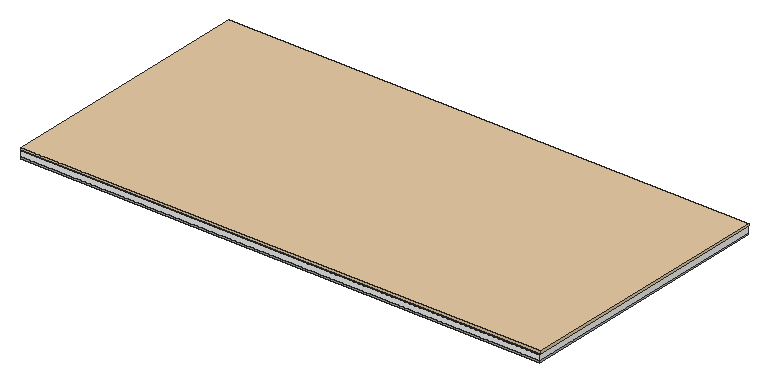
Revit family "Legalett_ISOFORM_PW+FC", category Generic Models, Revit 2023
Family settings
  Can host rebar = No
  Round Connector Dimension = Use Diameter
  Part Type = Normal
  Work Plane-Based = No
  Always vertical = Yes
  Cut with Voids When Loaded = No
  Maintain Annotation Orientation = No
  Shared = No
  Room Calculation Point = No
Parameters (values of type "ISOFORM 50 PW+FC")
  Type Comments = "24000"
  Model = "ISOFORM"
  Manufacturer = "Legalett"
  ISO Tjocklek = 32 mm
  Default Elevation = 0 mm
Types (3, lengths in mm): name | ISO Tjocklek
  (no name) | 32
  ISOFORM 50 PW+FC | 32
  ISOFORM 110 PW+FC | 92
Reference planes
  plane 1 "Center (Front/Back)": y = 0
  plane 2: z = 0
  plane 3 "Center (Left/Right)": x = 0
  plane 4: z = 41
  plane 5: z = 9
  plane 6: z = 50
  plane 7: z = 36.102
  plane 8: z = 0
Forms (mm)
  Extrusion 1, solid, material "Fibercement"
    sketch origin (-321.637, 314.755, 0) x (1, 0, 0) y (0, 1, 0)
      loop
        line (-878.363, 285.245) -> (-878.363, -914.755) -> (1521.637, -914.755) -> (1521.637, 285.245) -> (-878.363, 285.245)
    from 3 to 9
  Extrusion 2, solid, material "Plywood"
    sketch origin (-321.297, 314.755, 41) x (1, 0, 0) y (0, 1, 0)
      loop
        line (-878.363, 285.245) -> (-878.363, -914.755) -> (1521.637, -914.755) -> (1521.637, 285.245) -> (-878.363, 285.245)
    from 0 to 9
  Extrusion 3, solid, material "EPS100"
    sketch origin (-324.196, 314.755, 0) x (1, 0, 0) y (0, 1, 0)
      loop
        line (-875.804, 285.245) -> (-875.804, -914.755) -> (1524.196, -914.755) -> (1524.196, 285.245) -> (-875.804, 285.245)
    from 9 to 36.102
  Extrusion 4, solid, material "EPS100"
    sketch origin (-321.637, 314.755, 27) x (1, 0, 0) y (0, 1, 0)
      loop
        line (-848.363, 255.245) -> (-848.363, -884.358) -> (1491.976, -884.358) -> (1491.976, 255.245) -> (-848.363, 255.245)
    from 9.102 to 14
Cuts and joins
  joined: Extrusion 3, Extrusion 4
Dimensions and locks
  locked: cut or joined group of Extrusion 3, Extrusion 4 to cut or joined group of Extrusion 3, Extrusion 4 at 4.898
  "ISO Tjocklek": plane 5 to plane 4
  locked: plane 8 to plane 5 at 9
  locked: plane 4 to plane 6 at 9
  aligned and locked: level to plane 2
  aligned and locked: Extrusion 3 to Extrusion 1
  aligned and locked: Extrusion 4 to Extrusion 3
  aligned and locked: Extrusion 2 to cut or joined group of Extrusion 3, Extrusion 4
  aligned and locked: Extrusion 4 to Extrusion 2
  aligned and locked: Extrusion 2 to plane 6
  aligned and locked: plane 5 to Extrusion 3
  aligned and locked: plane 8 to level
  aligned and locked: plane 4 to Extrusion 2
Automatic sketch dimensions
  plane 1 "Center (Front/Back)" to Extrusion 1 sketch curve = 600 mm
  Extrusion 1 sketch curve to plane 3 "Center (Left/Right)" = 1200 mm
  plane 3 "Center (Left/Right)" to Extrusion 1 sketch curve = 1200 mm
  Extrusion 1 sketch curve to plane 1 "Center (Front/Back)" = 600 mm
  Extrusion 2 sketch curve to plane 3 "Center (Left/Right)" = 1199.661 mm
  plane 1 "Center (Front/Back)" to Extrusion 2 sketch curve = 600 mm
  plane 3 "Center (Left/Right)" to Extrusion 2 sketch curve = 1200.339 mm
  Extrusion 2 sketch curve to plane 1 "Center (Front/Back)" = 600 mm
  plane 1 "Center (Front/Back)" to Extrusion 3 sketch curve = 600 mm
  Extrusion 3 sketch curve to plane 3 "Center (Left/Right)" = 1200 mm
  plane 3 "Center (Left/Right)" to Extrusion 3 sketch curve = 1200 mm
  Extrusion 3 sketch curve to plane 1 "Center (Front/Back)" = 600 mm
  plane 1 "Center (Front/Back)" to Extrusion 4 sketch curve = 569.603 mm
  Extrusion 4 sketch curve to plane 3 "Center (Left/Right)" = 1170 mm
  plane 3 "Center (Left/Right)" to Extrusion 4 sketch curve = 1170.339 mm
  Extrusion 4 sketch curve to plane 1 "Center (Front/Back)" = 570 mm
